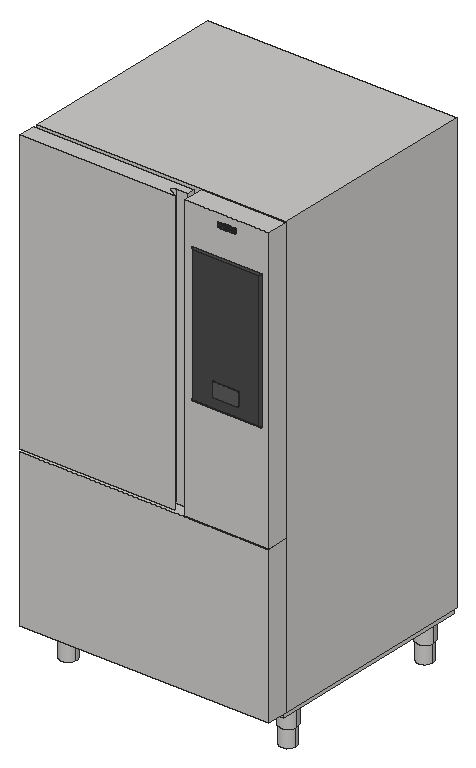
Revit family "QF_ZANUSSI_110547_ZBFA11E", category Specialty Equipment, Revit 2018
Family settings
  Round Connector Dimension = Use Diameter
  Part Type = Normal
  Work Plane-Based = No
  Always vertical = Yes
  Cut with Voids When Loaded = No
  Shared = No
  Room Calculation Point = No
Parameters
  Weight = 0.00 kg
  Watts = 385.548 W
  Volts = 380 V
  URL Manufacturer = "http://www.zanussiprofessional.com"
  URL = "http://www.zanussiprofessional.com"
  Steam Supply Size = 0 mm
  Steam Supply Minimum Pressure = 0.0 Pa
  Steam Supply Maximum Pressure = 0.0 Pa
  Steam Pounds per Hour = 0
  Show Logo [instance] = yes
  Show Clearance [instance] = yes
  Refrigeration Suction Line Size = 0 mm
  Refrigeration Liquid Line Size = 0 mm
  Refrigerant Compressor Remote = yes
  Manufacturer = "Zanussi"
  Phase = 3
  Model = "ZBFA11E"
  Length Actual = 895 mm  # constant formula
  Item Number = "110547"
  Hot Water Size = 0 mm
  Height Actual = 1731 mm  # constant formula
  HP = "5.6 HP"
  Gas Size = 0 mm
  Gas KW = 0
  Gas Input Pressure = 0 W
  Description = "RAPIDO BLAST CHILLER FREEZER 50/50KG 10 GN 1/1"
  Depth Actual = 939 mm  # constant formula
  Cycle = 50 Hz
  Condensate Return Size = 0 mm
  Compressed Air Volume = 0.0 L/s
  Compressed Air Size = 0 mm
  Compressed Air Pressure = 0.0 Pa
  Cold Water Size = 0 mm
  Accessory = yes
Reference planes
  plane 1 "Center X": y = 126.351
  plane 2: z = 0
  plane 3 "Center Y": x = -311.5
  plane 4 "LEFT": x = -759
  plane 5 "BACK": y = 547.851
  plane 6 "RIGHT": x = 136
  plane 7 "FRONT": y = -295.149
  plane 8: z = 130
  plane 9 "TOP": z = 1731
  plane 10: x = -707
  plane 11: y = 471.851
  plane 12: x = 84
  plane 13: y = -144.149
  plane 14: y = 639.851
  plane 15: y = -834.149
Forms (mm)
  Extrusion 1, solid, material "QF_Finishes_Stainless Steel"
    sketch origin (0, 0, 1731) x (-1, 0, 0) y (0, -1, 0)
      loop
        line (759, -547.851) -> (759, 219.149) -> (-136, 219.149) -> (-136, -547.851) -> (759, -547.851)
    from 0 to -1581
  Extrusion 2, solid, material "QF_Finishes_Stainless Steel"
    sketch origin (-759, -0.954, 258.709) x (0, 1, 0) y (0, 0, 1)
      loop
        line (548.805, 694.306) -> (548.805, 392.314) -> (633.5, 399.789)
        arc (633.5, 399.789) -> (638.702, 402.354) -> (640.805, 407.759) r 8
        line (640.805, 407.759) -> (640.805, 433.233)
        arc (640.805, 433.233) -> (636.783, 442.547) -> (640.805, 451.86) r 12.795
        line (640.805, 451.86) -> (640.805, 483.24)
        arc (640.805, 483.24) -> (636.783, 492.554) -> (640.805, 501.867) r 12.795
        line (640.805, 501.867) -> (640.805, 533.247)
        arc (640.805, 533.247) -> (636.783, 542.56) -> (640.805, 551.874) r 12.795
        line (640.805, 551.874) -> (640.805, 583.254)
        arc (640.805, 583.254) -> (636.783, 592.567) -> (640.805, 601.881) r 12.795
        line (640.805, 601.881) -> (640.805, 634.796)
        arc (640.805, 634.796) -> (639.466, 639.795) -> (635.808, 643.455) r 10
        line (635.808, 643.455) -> (548.805, 694.306)
    from 618.187 to 801.865
  Extrusion 3, solid, material "QF_Finishes_Stainless Steel"
    sketch origin (-54.727, 547.851, 2066) x (1, 0, 0) y (0, 0, -1)
      loop
        circle (121.727, 1473) r 10.5
    from 0 to 29
  Extrusion 4, solid, material "QF_Finishes_Stainless Steel"
    sketch origin (-1206.916, -1524, 130) x (-1, 0, 0) y (0, -1, 0)
      loop
        line (-447.916, -1228.851) -> (-1342.916, -1228.851) -> (-1342.916, -1303.851) -> (-447.916, -1303.851) -> (-447.916, -1228.851)
    from 580 to 20.02
  Extrusion 5, solid, material "QF_Finishes_Stainless Steel"
    sketch origin (-1206.916, -1524, 130) x (-1, 0, 0) y (0, -1, 0)
      loop
        line (-456.916, -2071.851) -> (-456.916, -1306.851) -> (-1333.916, -1306.851) -> (-1333.916, -2071.851) -> (-456.916, -2071.851)
    from 20 to 0
  Extrusion 6, solid, material "QF_Finishes_Stainless Steel"
    sketch origin (-1206.916, -1524, 130) x (0, -1, 0) y (-1, 0, 0)
      loop
        circle (-1673.851, -847.916) r 9.5
    from 0 to 31.68
  Extrusion 7, void
    sketch origin (1, 0, 1731) x (-1, 0, 0) y (0, -1, 0)
      loop
        line (132.09, -639.851) -> (141.813, -639.851) -> (141.813, -547.851) -> (140.183, -547.851) -> (132.09, -639.851)
      loop
        line (-40.234, -547.851) -> (-41.865, -547.851) -> (-41.865, -639.851) -> (-32.141, -639.851) -> (-40.234, -547.851)
    from -1080 to -770
  Extrusion 8, solid, material "QF_Finishes_Stainless Steel"
    sketch origin (-623, -295.149, 0) x (1, 0, 0) y (0, 0, -1)
      loop
        line (442.2, -1731) -> (442.2, -719.524) -> (-136, -719.524) -> (-136, -1731) -> (442.2, -1731)
    from 0 to 60
  Extrusion 9, solid, material "QF_Finishes_Stainless Steel"
    sketch origin (-623, 0, 1060.038) x (1, 0, 0) y (0, 1, 0)
      loop
        line (759, -295.149) -> (759, -220.149) -> (457, -220.149) -> (457, -295.149) -> (759, -295.149)
    from 670.962 to -349
  Extrusion 10, solid, material "QF_Door-Drawer Clearances", visible <- "Show Clearance", detail levels coarse
    sketch origin (-623, 0, 1060.038) x (1, 0, 0) y (0, 1, 0)
      loop
        line (-82, -295.149) -> (-82, -831.649)
        arc (-82, -831.649) -> (284.195, -665.108) -> (442.2, -295.149) r 556
        line (442.2, -295.149) -> (-82, -295.149)
    from -340.514 to 670.962
  Extrusion 11, void
    sketch origin (136, -219.149, 1731) x (1, 0, 0) y (0, 0, -1)
      loop
        line (-366.8, 60) -> (-366.8, 962) -> (-834, 962) -> (-834, 60) -> (-366.8, 60)
    from 0 to 705
  Extrusion 12, solid, material "QF_Door-Drawer Clearances", visible <- "Show Clearance", detail levels coarse
    sketch origin (-765, -389.449, 0) x (0, -1, 0) y (0, 0, -1)
      loop
        line (442.2, -1731) -> (442.2, -719.524) -> (-94.3, -719.524) -> (-94.3, -1731) -> (442.2, -1731)
    from 0 to 60
  Extrusion 13, void
    sketch origin (-853.545, 0, 0) x (1, 0, 0) y (0, 1, 0)
      loop
        arc (627.437, -262.922) -> (619.313, -269.056) -> (623.077, -278.514) r 8.395
        line (623.077, -278.514) -> (650.783, -295.149) -> (672.745, -295.149) -> (672.745, -262.922) -> (627.437, -262.922)
    from 719.524 to 1731
  Extrusion 14, void
    sketch origin (-995.694, -380.449, 0) x (0, 1, 0) y (-1, 0, 0)
      loop
        arc (-405.892, -262.922) -> (-397.768, -256.787) -> (-401.532, -247.329) r 8.395
        line (-401.532, -247.329) -> (-429.238, -230.694) -> (-451.2, -230.694) -> (-451.2, -262.922) -> (-405.892, -262.922)
    from 719.524 to 1731
Cuts and joins
  Extrusion 11 cuts Extrusion 1
  Extrusion 7, Extrusion 11 cuts Extrusion 2
  Extrusion 11 cuts Extrusion 3
  Extrusion 11 cuts Extrusion 5
  Extrusion 11 cuts Extrusion 6
  joined: Extrusion 1, Extrusion 2, Extrusion 3, Extrusion 5, Extrusion 6
  Extrusion 13 cuts Extrusion 10
  Extrusion 13, Extrusion 14 cuts Extrusion 12
  joined: Extrusion 10, Extrusion 12
  Extrusion 13 cuts Extrusion 4
  Extrusion 13 cuts Extrusion 8
Lines and regions (mm)
  Split face 1
    outline origin (594.146, -295.149, -365.12) x (-1, 0, 0) y (0, 0, -1)
      loop
        line (490.638, -548.639) -> (600.654, -548.639) -> (600.654, -543.665) -> (490.638, -543.665) -> (490.638, -548.639)
  Split face 2
    outline origin (594.146, -295.149, -355.62) x (-1, 0, 0) y (0, 0, -1)
      loop
        line (490.638, -548.639) -> (600.654, -548.639) -> (600.654, -543.665) -> (490.638, -543.665) -> (490.638, -548.639)
  Split face 3
    outline origin (594.146, -295.149, -346.12) x (-1, 0, 0) y (0, 0, -1)
      loop
        line (490.638, -548.639) -> (600.654, -548.639) -> (600.654, -543.665) -> (490.638, -543.665) -> (490.638, -548.639)
  Split face 4
    outline origin (594.146, -295.149, -336.62) x (-1, 0, 0) y (0, 0, -1)
      loop
        line (490.638, -548.639) -> (600.654, -548.639) -> (600.654, -543.665) -> (490.638, -543.665) -> (490.638, -548.639)
  Split face 5
    outline origin (594.146, -295.149, -327.12) x (-1, 0, 0) y (0, 0, -1)
      loop
        line (490.638, -548.639) -> (600.654, -548.639) -> (600.654, -543.665) -> (490.638, -543.665) -> (490.638, -548.639)
  Split face 6
    outline origin (594.146, -295.149, -317.619) x (-1, 0, 0) y (0, 0, -1)
      loop
        line (490.638, -548.639) -> (600.654, -548.639) -> (600.654, -543.665) -> (490.638, -543.665) -> (490.638, -548.639)
  Split face 7
    outline origin (594.146, -295.149, -308.119) x (-1, 0, 0) y (0, 0, -1)
      loop
        line (490.638, -548.639) -> (600.654, -548.639) -> (600.654, -543.665) -> (490.638, -543.665) -> (490.638, -548.639)
  Split face 8
    outline origin (594.146, -295.149, -298.619) x (-1, 0, 0) y (0, 0, -1)
      loop
        line (490.638, -548.639) -> (600.654, -548.639) -> (600.654, -543.665) -> (490.638, -543.665) -> (490.638, -548.639)
  Split face 9
    outline origin (594.146, -295.149, -289.119) x (-1, 0, 0) y (0, 0, -1)
      loop
        line (490.638, -548.639) -> (600.654, -548.639) -> (600.654, -543.665) -> (490.638, -543.665) -> (490.638, -548.639)
  Split face 10
    outline origin (594.146, -295.149, -279.619) x (-1, 0, 0) y (0, 0, -1)
      loop
        line (490.638, -548.639) -> (600.654, -548.639) -> (600.654, -543.665) -> (490.638, -543.665) -> (490.638, -548.639)
  Split face 11
    outline origin (594.146, -295.149, -270.119) x (-1, 0, 0) y (0, 0, -1)
      loop
        line (490.638, -548.639) -> (600.654, -548.639) -> (600.654, -543.665) -> (490.638, -543.665) -> (490.638, -548.639)
  Split face 12
    outline origin (594.146, -295.149, -260.619) x (-1, 0, 0) y (0, 0, -1)
      loop
        line (490.638, -548.639) -> (600.654, -548.639) -> (600.654, -543.665) -> (490.638, -543.665) -> (490.638, -548.639)
  Split face 13
    outline origin (594.146, -295.149, -251.119) x (-1, 0, 0) y (0, 0, -1)
      loop
        line (490.638, -548.639) -> (600.654, -548.639) -> (600.654, -543.665) -> (490.638, -543.665) -> (490.638, -548.639)
  Split face 14
    outline origin (594.146, -295.149, -241.619) x (-1, 0, 0) y (0, 0, -1)
      loop
        line (490.638, -548.639) -> (600.654, -548.639) -> (600.654, -543.665) -> (490.638, -543.665) -> (490.638, -548.639)
  Split face 15
    outline origin (594.146, -295.149, -232.119) x (-1, 0, 0) y (0, 0, -1)
      loop
        line (490.638, -548.639) -> (600.654, -548.639) -> (600.654, -543.665) -> (490.638, -543.665) -> (490.638, -548.639)
  Split face 16
    outline origin (594.146, -295.149, -222.619) x (-1, 0, 0) y (0, 0, -1)
      loop
        line (490.638, -548.639) -> (600.654, -548.639) -> (600.654, -543.665) -> (490.638, -543.665) -> (490.638, -548.639)
  Split face 17
    outline origin (594.146, -295.149, -213.119) x (-1, 0, 0) y (0, 0, -1)
      loop
        line (490.638, -548.639) -> (600.654, -548.639) -> (600.654, -543.665) -> (490.638, -543.665) -> (490.638, -548.639)
  Split face 18
    outline origin (594.146, -295.149, -203.619) x (-1, 0, 0) y (0, 0, -1)
      loop
        line (490.638, -548.639) -> (600.654, -548.639) -> (600.654, -543.665) -> (490.638, -543.665) -> (490.638, -548.639)
  Split face 19
    outline origin (594.146, -295.149, -194.118) x (-1, 0, 0) y (0, 0, -1)
      loop
        line (490.638, -548.639) -> (600.654, -548.639) -> (600.654, -543.665) -> (490.638, -543.665) -> (490.638, -548.639)
  Split face 20
    outline origin (594.146, -295.149, -184.618) x (-1, 0, 0) y (0, 0, -1)
      loop
        line (490.638, -548.639) -> (600.654, -548.639) -> (600.654, -543.665) -> (490.638, -543.665) -> (490.638, -548.639)
  Split face 21
    outline origin (594.146, -295.149, -175.118) x (-1, 0, 0) y (0, 0, -1)
      loop
        line (490.638, -548.639) -> (600.654, -548.639) -> (600.654, -543.665) -> (490.638, -543.665) -> (490.638, -548.639)
  Split face 22
    outline origin (594.146, -295.149, -165.618) x (-1, 0, 0) y (0, 0, -1)
      loop
        line (490.638, -548.639) -> (600.654, -548.639) -> (600.654, -543.665) -> (490.638, -543.665) -> (490.638, -548.639)
  Split face 23
    outline origin (594.146, -295.149, -156.118) x (-1, 0, 0) y (0, 0, -1)
      loop
        line (490.638, -548.639) -> (600.654, -548.639) -> (600.654, -543.665) -> (490.638, -543.665) -> (490.638, -548.639)
  Split face 24
    outline origin (594.146, -295.149, -146.618) x (-1, 0, 0) y (0, 0, -1)
      loop
        line (490.638, -548.639) -> (600.654, -548.639) -> (600.654, -543.665) -> (490.638, -543.665) -> (490.638, -548.639)
  Split face 25
    outline origin (594.146, -295.149, -137.118) x (-1, 0, 0) y (0, 0, -1)
      loop
        line (490.638, -548.639) -> (600.654, -548.639) -> (600.654, -543.665) -> (490.638, -543.665) -> (490.638, -548.639)
  Split face 26
    outline origin (594.146, -295.149, -127.618) x (-1, 0, 0) y (0, 0, -1)
      loop
        line (490.638, -548.639) -> (600.654, -548.639) -> (600.654, -543.665) -> (490.638, -543.665) -> (490.638, -548.639)
  Split face 27
    outline origin (594.146, -295.149, -118.118) x (-1, 0, 0) y (0, 0, -1)
      loop
        line (490.638, -548.639) -> (600.654, -548.639) -> (600.654, -543.665) -> (490.638, -543.665) -> (490.638, -548.639)
  Split face 28
    outline origin (594.146, -295.149, -108.618) x (-1, 0, 0) y (0, 0, -1)
      loop
        line (490.638, -548.639) -> (600.654, -548.639) -> (600.654, -543.665) -> (490.638, -543.665) -> (490.638, -548.639)
  Split face 29
    outline origin (594.146, -295.149, -99.118) x (-1, 0, 0) y (0, 0, -1)
      loop
        line (490.638, -548.639) -> (600.654, -548.639) -> (600.654, -543.665) -> (490.638, -543.665) -> (490.638, -548.639)
  Split face 30
    outline origin (594.146, -295.149, -89.618) x (-1, 0, 0) y (0, 0, -1)
      loop
        line (490.638, -548.639) -> (600.654, -548.639) -> (600.654, -543.665) -> (490.638, -543.665) -> (490.638, -548.639)
  Split face 31
    outline origin (594.146, -295.149, -80.117) x (-1, 0, 0) y (0, 0, -1)
      loop
        line (490.638, -548.639) -> (600.654, -548.639) -> (600.654, -543.665) -> (490.638, -543.665) -> (490.638, -548.639)
  Split face 32
    outline origin (594.146, -295.149, -70.617) x (-1, 0, 0) y (0, 0, -1)
      loop
        line (490.638, -548.639) -> (600.654, -548.639) -> (600.654, -543.665) -> (490.638, -543.665) -> (490.638, -548.639)
  Split face 33
    outline origin (594.146, -295.149, -61.117) x (-1, 0, 0) y (0, 0, -1)
      loop
        line (490.638, -548.639) -> (600.654, -548.639) -> (600.654, -543.665) -> (490.638, -543.665) -> (490.638, -548.639)
  Split face 34
    outline origin (594.146, -295.149, -51.617) x (-1, 0, 0) y (0, 0, -1)
      loop
        line (490.638, -548.639) -> (600.654, -548.639) -> (600.654, -543.665) -> (490.638, -543.665) -> (490.638, -548.639)
  Split face 35
    outline origin (594.146, -295.149, -42.117) x (-1, 0, 0) y (0, 0, -1)
      loop
        line (490.638, -548.639) -> (600.654, -548.639) -> (600.654, -543.665) -> (490.638, -543.665) -> (490.638, -548.639)
  Split face 36
    outline origin (594.146, -295.149, -32.617) x (-1, 0, 0) y (0, 0, -1)
      loop
        line (490.638, -548.639) -> (600.654, -548.639) -> (600.654, -543.665) -> (490.638, -543.665) -> (490.638, -548.639)
  Split face 37
    outline origin (594.146, -295.149, -23.117) x (-1, 0, 0) y (0, 0, -1)
      loop
        line (490.638, -548.639) -> (600.654, -548.639) -> (600.654, -543.665) -> (490.638, -543.665) -> (490.638, -548.639)
  Split face 38
    outline origin (594.146, -295.149, -13.617) x (-1, 0, 0) y (0, 0, -1)
      loop
        line (490.638, -548.639) -> (600.654, -548.639) -> (600.654, -543.665) -> (490.638, -543.665) -> (490.638, -548.639)
  Split face 39
    outline origin (594.146, -295.149, -4.117) x (-1, 0, 0) y (0, 0, -1)
      loop
        line (490.638, -548.639) -> (600.654, -548.639) -> (600.654, -543.665) -> (490.638, -543.665) -> (490.638, -548.639)
  Split face 40
    outline origin (594.146, -295.149, 5.383) x (-1, 0, 0) y (0, 0, -1)
      loop
        line (490.638, -548.639) -> (600.654, -548.639) -> (600.654, -543.665) -> (490.638, -543.665) -> (490.638, -548.639)
  Split face 41
    outline origin (594.146, -295.149, 14.883) x (-1, 0, 0) y (0, 0, -1)
      loop
        line (490.638, -548.639) -> (600.654, -548.639) -> (600.654, -543.665) -> (490.638, -543.665) -> (490.638, -548.639)
  Split face 42
    outline origin (474.155, -295.149, -365.12) x (-1, 0, 0) y (0, 0, -1)
      loop
        line (490.638, -548.639) -> (600.654, -548.639) -> (600.654, -543.665) -> (490.638, -543.665) -> (490.638, -548.639)
  Split face 43
    outline origin (474.155, -295.149, -355.62) x (-1, 0, 0) y (0, 0, -1)
      loop
        line (490.638, -548.639) -> (600.654, -548.639) -> (600.654, -543.665) -> (490.638, -543.665) -> (490.638, -548.639)
  Split face 44
    outline origin (474.155, -295.149, -346.12) x (-1, 0, 0) y (0, 0, -1)
      loop
        line (490.638, -548.639) -> (600.654, -548.639) -> (600.654, -543.665) -> (490.638, -543.665) -> (490.638, -548.639)
  Split face 45
    outline origin (474.155, -295.149, -336.62) x (-1, 0, 0) y (0, 0, -1)
      loop
        line (490.638, -548.639) -> (600.654, -548.639) -> (600.654, -543.665) -> (490.638, -543.665) -> (490.638, -548.639)
  Split face 46
    outline origin (474.155, -295.149, -327.12) x (-1, 0, 0) y (0, 0, -1)
      loop
        line (490.638, -548.639) -> (600.654, -548.639) -> (600.654, -543.665) -> (490.638, -543.665) -> (490.638, -548.639)
  Split face 47
    outline origin (474.155, -295.149, -317.619) x (-1, 0, 0) y (0, 0, -1)
      loop
        line (490.638, -548.639) -> (600.654, -548.639) -> (600.654, -543.665) -> (490.638, -543.665) -> (490.638, -548.639)
  Split face 48
    outline origin (474.155, -295.149, -308.119) x (-1, 0, 0) y (0, 0, -1)
      loop
        line (490.638, -548.639) -> (600.654, -548.639) -> (600.654, -543.665) -> (490.638, -543.665) -> (490.638, -548.639)
  Split face 49
    outline origin (474.155, -295.149, -298.619) x (-1, 0, 0) y (0, 0, -1)
      loop
        line (490.638, -548.639) -> (600.654, -548.639) -> (600.654, -543.665) -> (490.638, -543.665) -> (490.638, -548.639)
  Split face 50
    outline origin (474.155, -295.149, -289.119) x (-1, 0, 0) y (0, 0, -1)
      loop
        line (490.638, -548.639) -> (600.654, -548.639) -> (600.654, -543.665) -> (490.638, -543.665) -> (490.638, -548.639)
  Split face 51
    outline origin (474.155, -295.149, -279.619) x (-1, 0, 0) y (0, 0, -1)
      loop
        line (490.638, -548.639) -> (600.654, -548.639) -> (600.654, -543.665) -> (490.638, -543.665) -> (490.638, -548.639)
  Split face 52
    outline origin (474.155, -295.149, -270.119) x (-1, 0, 0) y (0, 0, -1)
      loop
        line (490.638, -548.639) -> (600.654, -548.639) -> (600.654, -543.665) -> (490.638, -543.665) -> (490.638, -548.639)
  Split face 53
    outline origin (474.155, -295.149, -260.619) x (-1, 0, 0) y (0, 0, -1)
      loop
        line (490.638, -548.639) -> (600.654, -548.639) -> (600.654, -543.665) -> (490.638, -543.665) -> (490.638, -548.639)
  Split face 54
    outline origin (474.155, -295.149, -251.119) x (-1, 0, 0) y (0, 0, -1)
      loop
        line (490.638, -548.639) -> (600.654, -548.639) -> (600.654, -543.665) -> (490.638, -543.665) -> (490.638, -548.639)
  Split face 55
    outline origin (474.155, -295.149, -241.619) x (-1, 0, 0) y (0, 0, -1)
      loop
        line (490.638, -548.639) -> (600.654, -548.639) -> (600.654, -543.665) -> (490.638, -543.665) -> (490.638, -548.639)
  Split face 56
    outline origin (474.155, -295.149, -232.119) x (-1, 0, 0) y (0, 0, -1)
      loop
        line (490.638, -548.639) -> (600.654, -548.639) -> (600.654, -543.665) -> (490.638, -543.665) -> (490.638, -548.639)
  Split face 57
    outline origin (474.155, -295.149, -222.619) x (-1, 0, 0) y (0, 0, -1)
      loop
        line (490.638, -548.639) -> (600.654, -548.639) -> (600.654, -543.665) -> (490.638, -543.665) -> (490.638, -548.639)
  Split face 58
    outline origin (474.155, -295.149, -213.119) x (-1, 0, 0) y (0, 0, -1)
      loop
        line (490.638, -548.639) -> (600.654, -548.639) -> (600.654, -543.665) -> (490.638, -543.665) -> (490.638, -548.639)
  Split face 59
    outline origin (474.155, -295.149, -203.619) x (-1, 0, 0) y (0, 0, -1)
      loop
        line (490.638, -548.639) -> (600.654, -548.639) -> (600.654, -543.665) -> (490.638, -543.665) -> (490.638, -548.639)
  Split face 60
    outline origin (474.155, -295.149, -194.118) x (-1, 0, 0) y (0, 0, -1)
      loop
        line (490.638, -548.639) -> (600.654, -548.639) -> (600.654, -543.665) -> (490.638, -543.665) -> (490.638, -548.639)
  Split face 61
    outline origin (474.155, -295.149, -184.618) x (-1, 0, 0) y (0, 0, -1)
      loop
        line (490.638, -548.639) -> (600.654, -548.639) -> (600.654, -543.665) -> (490.638, -543.665) -> (490.638, -548.639)
  Split face 62
    outline origin (474.155, -295.149, -175.118) x (-1, 0, 0) y (0, 0, -1)
      loop
        line (490.638, -548.639) -> (600.654, -548.639) -> (600.654, -543.665) -> (490.638, -543.665) -> (490.638, -548.639)
  Split face 63
    outline origin (474.155, -295.149, -165.618) x (-1, 0, 0) y (0, 0, -1)
      loop
        line (490.638, -548.639) -> (600.654, -548.639) -> (600.654, -543.665) -> (490.638, -543.665) -> (490.638, -548.639)
  Split face 64
    outline origin (474.155, -295.149, -156.118) x (-1, 0, 0) y (0, 0, -1)
      loop
        line (490.638, -548.639) -> (600.654, -548.639) -> (600.654, -543.665) -> (490.638, -543.665) -> (490.638, -548.639)
  Split face 65
    outline origin (474.155, -295.149, -146.618) x (-1, 0, 0) y (0, 0, -1)
      loop
        line (490.638, -548.639) -> (600.654, -548.639) -> (600.654, -543.665) -> (490.638, -543.665) -> (490.638, -548.639)
  Split face 66
    outline origin (474.155, -295.149, -137.118) x (-1, 0, 0) y (0, 0, -1)
      loop
        line (490.638, -548.639) -> (600.654, -548.639) -> (600.654, -543.665) -> (490.638, -543.665) -> (490.638, -548.639)
  Split face 67
    outline origin (474.155, -295.149, -127.618) x (-1, 0, 0) y (0, 0, -1)
      loop
        line (490.638, -548.639) -> (600.654, -548.639) -> (600.654, -543.665) -> (490.638, -543.665) -> (490.638, -548.639)
  Split face 68
    outline origin (474.155, -295.149, -118.118) x (-1, 0, 0) y (0, 0, -1)
      loop
        line (490.638, -548.639) -> (600.654, -548.639) -> (600.654, -543.665) -> (490.638, -543.665) -> (490.638, -548.639)
  Split face 69
    outline origin (474.155, -295.149, -108.618) x (-1, 0, 0) y (0, 0, -1)
      loop
        line (490.638, -548.639) -> (600.654, -548.639) -> (600.654, -543.665) -> (490.638, -543.665) -> (490.638, -548.639)
  Split face 70
    outline origin (474.155, -295.149, -99.118) x (-1, 0, 0) y (0, 0, -1)
      loop
        line (490.638, -548.639) -> (600.654, -548.639) -> (600.654, -543.665) -> (490.638, -543.665) -> (490.638, -548.639)
  Split face 71
    outline origin (474.155, -295.149, -89.618) x (-1, 0, 0) y (0, 0, -1)
      loop
        line (490.638, -548.639) -> (600.654, -548.639) -> (600.654, -543.665) -> (490.638, -543.665) -> (490.638, -548.639)
  Split face 72
    outline origin (474.155, -295.149, -80.117) x (-1, 0, 0) y (0, 0, -1)
      loop
        line (490.638, -548.639) -> (600.654, -548.639) -> (600.654, -543.665) -> (490.638, -543.665) -> (490.638, -548.639)
  Split face 73
    outline origin (474.155, -295.149, -70.617) x (-1, 0, 0) y (0, 0, -1)
      loop
        line (490.638, -548.639) -> (600.654, -548.639) -> (600.654, -543.665) -> (490.638, -543.665) -> (490.638, -548.639)
  Split face 74
    outline origin (474.155, -295.149, -61.117) x (-1, 0, 0) y (0, 0, -1)
      loop
        line (490.638, -548.639) -> (600.654, -548.639) -> (600.654, -543.665) -> (490.638, -543.665) -> (490.638, -548.639)
  Split face 75
    outline origin (474.155, -295.149, -51.617) x (-1, 0, 0) y (0, 0, -1)
      loop
        line (490.638, -548.639) -> (600.654, -548.639) -> (600.654, -543.665) -> (490.638, -543.665) -> (490.638, -548.639)
  Split face 76
    outline origin (474.155, -295.149, -42.117) x (-1, 0, 0) y (0, 0, -1)
      loop
        line (490.638, -548.639) -> (600.654, -548.639) -> (600.654, -543.665) -> (490.638, -543.665) -> (490.638, -548.639)
  Split face 77
    outline origin (474.155, -295.149, -32.617) x (-1, 0, 0) y (0, 0, -1)
      loop
        line (490.638, -548.639) -> (600.654, -548.639) -> (600.654, -543.665) -> (490.638, -543.665) -> (490.638, -548.639)
  Split face 78
    outline origin (474.155, -295.149, -23.117) x (-1, 0, 0) y (0, 0, -1)
      loop
        line (490.638, -548.639) -> (600.654, -548.639) -> (600.654, -543.665) -> (490.638, -543.665) -> (490.638, -548.639)
  Split face 79
    outline origin (474.155, -295.149, -13.617) x (-1, 0, 0) y (0, 0, -1)
      loop
        line (490.638, -548.639) -> (600.654, -548.639) -> (600.654, -543.665) -> (490.638, -543.665) -> (490.638, -548.639)
  Split face 80
    outline origin (474.155, -295.149, -4.117) x (-1, 0, 0) y (0, 0, -1)
      loop
        line (490.638, -548.639) -> (600.654, -548.639) -> (600.654, -543.665) -> (490.638, -543.665) -> (490.638, -548.639)
  Split face 81
    outline origin (474.155, -295.149, 5.383) x (-1, 0, 0) y (0, 0, -1)
      loop
        line (490.638, -548.639) -> (600.654, -548.639) -> (600.654, -543.665) -> (490.638, -543.665) -> (490.638, -548.639)
  Split face 82
    outline origin (474.155, -295.149, 14.883) x (-1, 0, 0) y (0, 0, -1)
      loop
        line (490.638, -548.639) -> (600.654, -548.639) -> (600.654, -543.665) -> (490.638, -543.665) -> (490.638, -548.639)
  Split face 83
    outline origin (354.164, -295.149, -365.12) x (-1, 0, 0) y (0, 0, -1)
      loop
        line (490.638, -548.639) -> (600.654, -548.639) -> (600.654, -543.665) -> (490.638, -543.665) -> (490.638, -548.639)
  Split face 84
    outline origin (354.164, -295.149, -355.62) x (-1, 0, 0) y (0, 0, -1)
      loop
        line (490.638, -548.639) -> (600.654, -548.639) -> (600.654, -543.665) -> (490.638, -543.665) -> (490.638, -548.639)
  Split face 85
    outline origin (354.164, -295.149, -346.12) x (-1, 0, 0) y (0, 0, -1)
      loop
        line (490.638, -548.639) -> (600.654, -548.639) -> (600.654, -543.665) -> (490.638, -543.665) -> (490.638, -548.639)
  Split face 86
    outline origin (354.164, -295.149, -336.62) x (-1, 0, 0) y (0, 0, -1)
      loop
        line (490.638, -548.639) -> (600.654, -548.639) -> (600.654, -543.665) -> (490.638, -543.665) -> (490.638, -548.639)
  Split face 87
    outline origin (354.164, -295.149, -327.12) x (-1, 0, 0) y (0, 0, -1)
      loop
        line (490.638, -548.639) -> (600.654, -548.639) -> (600.654, -543.665) -> (490.638, -543.665) -> (490.638, -548.639)
  Split face 88
    outline origin (354.164, -295.149, -317.619) x (-1, 0, 0) y (0, 0, -1)
      loop
        line (490.638, -548.639) -> (600.654, -548.639) -> (600.654, -543.665) -> (490.638, -543.665) -> (490.638, -548.639)
  Split face 89
    outline origin (354.164, -295.149, -308.119) x (-1, 0, 0) y (0, 0, -1)
      loop
        line (490.638, -548.639) -> (600.654, -548.639) -> (600.654, -543.665) -> (490.638, -543.665) -> (490.638, -548.639)
  Split face 90
    outline origin (354.164, -295.149, -298.619) x (-1, 0, 0) y (0, 0, -1)
      loop
        line (490.638, -548.639) -> (600.654, -548.639) -> (600.654, -543.665) -> (490.638, -543.665) -> (490.638, -548.639)
  Split face 91
    outline origin (354.164, -295.149, -289.119) x (-1, 0, 0) y (0, 0, -1)
      loop
        line (490.638, -548.639) -> (600.654, -548.639) -> (600.654, -543.665) -> (490.638, -543.665) -> (490.638, -548.639)
  Split face 92
    outline origin (354.164, -295.149, -279.619) x (-1, 0, 0) y (0, 0, -1)
      loop
        line (490.638, -548.639) -> (600.654, -548.639) -> (600.654, -543.665) -> (490.638, -543.665) -> (490.638, -548.639)
  Split face 93
    outline origin (354.164, -295.149, -270.119) x (-1, 0, 0) y (0, 0, -1)
      loop
        line (490.638, -548.639) -> (600.654, -548.639) -> (600.654, -543.665) -> (490.638, -543.665) -> (490.638, -548.639)
  Split face 94
    outline origin (354.164, -295.149, -260.619) x (-1, 0, 0) y (0, 0, -1)
      loop
        line (490.638, -548.639) -> (600.654, -548.639) -> (600.654, -543.665) -> (490.638, -543.665) -> (490.638, -548.639)
  Split face 95
    outline origin (354.164, -295.149, -251.119) x (-1, 0, 0) y (0, 0, -1)
      loop
        line (490.638, -548.639) -> (600.654, -548.639) -> (600.654, -543.665) -> (490.638, -543.665) -> (490.638, -548.639)
  Split face 96
    outline origin (354.164, -295.149, -241.619) x (-1, 0, 0) y (0, 0, -1)
      loop
        line (490.638, -548.639) -> (600.654, -548.639) -> (600.654, -543.665) -> (490.638, -543.665) -> (490.638, -548.639)
  Split face 97
    outline origin (354.164, -295.149, -232.119) x (-1, 0, 0) y (0, 0, -1)
      loop
        line (490.638, -548.639) -> (600.654, -548.639) -> (600.654, -543.665) -> (490.638, -543.665) -> (490.638, -548.639)
  Split face 98
    outline origin (354.164, -295.149, -222.619) x (-1, 0, 0) y (0, 0, -1)
      loop
        line (490.638, -548.639) -> (600.654, -548.639) -> (600.654, -543.665) -> (490.638, -543.665) -> (490.638, -548.639)
  Split face 99
    outline origin (354.164, -295.149, -213.119) x (-1, 0, 0) y (0, 0, -1)
      loop
        line (490.638, -548.639) -> (600.654, -548.639) -> (600.654, -543.665) -> (490.638, -543.665) -> (490.638, -548.639)
  Split face 100
    outline origin (354.164, -295.149, -203.619) x (-1, 0, 0) y (0, 0, -1)
      loop
        line (490.638, -548.639) -> (600.654, -548.639) -> (600.654, -543.665) -> (490.638, -543.665) -> (490.638, -548.639)
  Split face 101
    outline origin (354.164, -295.149, -194.118) x (-1, 0, 0) y (0, 0, -1)
      loop
        line (490.638, -548.639) -> (600.654, -548.639) -> (600.654, -543.665) -> (490.638, -543.665) -> (490.638, -548.639)
  Split face 102
    outline origin (354.164, -295.149, -184.618) x (-1, 0, 0) y (0, 0, -1)
      loop
        line (490.638, -548.639) -> (600.654, -548.639) -> (600.654, -543.665) -> (490.638, -543.665) -> (490.638, -548.639)
  Split face 103
    outline origin (354.164, -295.149, -175.118) x (-1, 0, 0) y (0, 0, -1)
      loop
        line (490.638, -548.639) -> (600.654, -548.639) -> (600.654, -543.665) -> (490.638, -543.665) -> (490.638, -548.639)
  Split face 104
    outline origin (354.164, -295.149, -165.618) x (-1, 0, 0) y (0, 0, -1)
      loop
        line (490.638, -548.639) -> (600.654, -548.639) -> (600.654, -543.665) -> (490.638, -543.665) -> (490.638, -548.639)
  Split face 105
    outline origin (354.164, -295.149, -156.118) x (-1, 0, 0) y (0, 0, -1)
      loop
        line (490.638, -548.639) -> (600.654, -548.639) -> (600.654, -543.665) -> (490.638, -543.665) -> (490.638, -548.639)
  Split face 106
    outline origin (354.164, -295.149, -146.618) x (-1, 0, 0) y (0, 0, -1)
      loop
        line (490.638, -548.639) -> (600.654, -548.639) -> (600.654, -543.665) -> (490.638, -543.665) -> (490.638, -548.639)
  Split face 107
    outline origin (354.164, -295.149, -137.118) x (-1, 0, 0) y (0, 0, -1)
      loop
        line (490.638, -548.639) -> (600.654, -548.639) -> (600.654, -543.665) -> (490.638, -543.665) -> (490.638, -548.639)
  Split face 108
    outline origin (354.164, -295.149, -127.618) x (-1, 0, 0) y (0, 0, -1)
      loop
        line (490.638, -548.639) -> (600.654, -548.639) -> (600.654, -543.665) -> (490.638, -543.665) -> (490.638, -548.639)
  Split face 109
    outline origin (354.164, -295.149, -118.118) x (-1, 0, 0) y (0, 0, -1)
      loop
        line (490.638, -548.639) -> (600.654, -548.639) -> (600.654, -543.665) -> (490.638, -543.665) -> (490.638, -548.639)
  Split face 110
    outline origin (354.164, -295.149, -108.618) x (-1, 0, 0) y (0, 0, -1)
      loop
        line (490.638, -548.639) -> (600.654, -548.639) -> (600.654, -543.665) -> (490.638, -543.665) -> (490.638, -548.639)
  Split face 111
    outline origin (354.164, -295.149, -99.118) x (-1, 0, 0) y (0, 0, -1)
      loop
        line (490.638, -548.639) -> (600.654, -548.639) -> (600.654, -543.665) -> (490.638, -543.665) -> (490.638, -548.639)
  Split face 112
    outline origin (354.164, -295.149, -89.618) x (-1, 0, 0) y (0, 0, -1)
      loop
        line (490.638, -548.639) -> (600.654, -548.639) -> (600.654, -543.665) -> (490.638, -543.665) -> (490.638, -548.639)
  Split face 113
    outline origin (354.164, -295.149, -80.117) x (-1, 0, 0) y (0, 0, -1)
      loop
        line (490.638, -548.639) -> (600.654, -548.639) -> (600.654, -543.665) -> (490.638, -543.665) -> (490.638, -548.639)
  Split face 114
    outline origin (354.164, -295.149, -70.617) x (-1, 0, 0) y (0, 0, -1)
      loop
        line (490.638, -548.639) -> (600.654, -548.639) -> (600.654, -543.665) -> (490.638, -543.665) -> (490.638, -548.639)
  Split face 115
    outline origin (354.164, -295.149, -61.117) x (-1, 0, 0) y (0, 0, -1)
      loop
        line (490.638, -548.639) -> (600.654, -548.639) -> (600.654, -543.665) -> (490.638, -543.665) -> (490.638, -548.639)
  Split face 116
    outline origin (354.164, -295.149, -51.617) x (-1, 0, 0) y (0, 0, -1)
      loop
        line (490.638, -548.639) -> (600.654, -548.639) -> (600.654, -543.665) -> (490.638, -543.665) -> (490.638, -548.639)
  Split face 117
    outline origin (354.164, -295.149, -42.117) x (-1, 0, 0) y (0, 0, -1)
      loop
        line (490.638, -548.639) -> (600.654, -548.639) -> (600.654, -543.665) -> (490.638, -543.665) -> (490.638, -548.639)
  Split face 118
    outline origin (354.164, -295.149, -32.617) x (-1, 0, 0) y (0, 0, -1)
      loop
        line (490.638, -548.639) -> (600.654, -548.639) -> (600.654, -543.665) -> (490.638, -543.665) -> (490.638, -548.639)
  Split face 119
    outline origin (354.164, -295.149, -23.117) x (-1, 0, 0) y (0, 0, -1)
      loop
        line (490.638, -548.639) -> (600.654, -548.639) -> (600.654, -543.665) -> (490.638, -543.665) -> (490.638, -548.639)
  Split face 120
    outline origin (354.164, -295.149, -13.617) x (-1, 0, 0) y (0, 0, -1)
      loop
        line (490.638, -548.639) -> (600.654, -548.639) -> (600.654, -543.665) -> (490.638, -543.665) -> (490.638, -548.639)
  Split face 121
    outline origin (354.164, -295.149, -4.117) x (-1, 0, 0) y (0, 0, -1)
      loop
        line (490.638, -548.639) -> (600.654, -548.639) -> (600.654, -543.665) -> (490.638, -543.665) -> (490.638, -548.639)
  Split face 122
    outline origin (354.164, -295.149, 5.383) x (-1, 0, 0) y (0, 0, -1)
      loop
        line (490.638, -548.639) -> (600.654, -548.639) -> (600.654, -543.665) -> (490.638, -543.665) -> (490.638, -548.639)
  Split face 123
    outline origin (354.164, -295.149, 14.883) x (-1, 0, 0) y (0, 0, -1)
      loop
        line (490.638, -548.639) -> (600.654, -548.639) -> (600.654, -543.665) -> (490.638, -543.665) -> (490.638, -548.639)
  Split face 124
    outline origin (234.172, -295.149, -365.12) x (-1, 0, 0) y (0, 0, -1)
      loop
        line (490.638, -548.639) -> (600.654, -548.639) -> (600.654, -543.665) -> (490.638, -543.665) -> (490.638, -548.639)
  Split face 125
    outline origin (234.172, -295.149, -355.62) x (-1, 0, 0) y (0, 0, -1)
      loop
        line (490.638, -548.639) -> (600.654, -548.639) -> (600.654, -543.665) -> (490.638, -543.665) -> (490.638, -548.639)
  Split face 126
    outline origin (234.172, -295.149, -346.12) x (-1, 0, 0) y (0, 0, -1)
      loop
        line (490.638, -548.639) -> (600.654, -548.639) -> (600.654, -543.665) -> (490.638, -543.665) -> (490.638, -548.639)
  Split face 127
    outline origin (234.172, -295.149, -336.62) x (-1, 0, 0) y (0, 0, -1)
      loop
        line (490.638, -548.639) -> (600.654, -548.639) -> (600.654, -543.665) -> (490.638, -543.665) -> (490.638, -548.639)
  Split face 128
    outline origin (234.172, -295.149, -327.12) x (-1, 0, 0) y (0, 0, -1)
      loop
        line (490.638, -548.639) -> (600.654, -548.639) -> (600.654, -543.665) -> (490.638, -543.665) -> (490.638, -548.639)
  Split face 129
    outline origin (234.172, -295.149, -317.619) x (-1, 0, 0) y (0, 0, -1)
      loop
        line (490.638, -548.639) -> (600.654, -548.639) -> (600.654, -543.665) -> (490.638, -543.665) -> (490.638, -548.639)
  Split face 130
    outline origin (234.172, -295.149, -308.119) x (-1, 0, 0) y (0, 0, -1)
      loop
        line (490.638, -548.639) -> (600.654, -548.639) -> (600.654, -543.665) -> (490.638, -543.665) -> (490.638, -548.639)
  Split face 131
    outline origin (234.172, -295.149, -298.619) x (-1, 0, 0) y (0, 0, -1)
      loop
        line (490.638, -548.639) -> (600.654, -548.639) -> (600.654, -543.665) -> (490.638, -543.665) -> (490.638, -548.639)
  Split face 132
    outline origin (234.172, -295.149, -289.119) x (-1, 0, 0) y (0, 0, -1)
      loop
        line (490.638, -548.639) -> (600.654, -548.639) -> (600.654, -543.665) -> (490.638, -543.665) -> (490.638, -548.639)
  Split face 133
    outline origin (234.172, -295.149, -279.619) x (-1, 0, 0) y (0, 0, -1)
      loop
        line (490.638, -548.639) -> (600.654, -548.639) -> (600.654, -543.665) -> (490.638, -543.665) -> (490.638, -548.639)
  Split face 134
    outline origin (234.172, -295.149, -270.119) x (-1, 0, 0) y (0, 0, -1)
      loop
        line (490.638, -548.639) -> (600.654, -548.639) -> (600.654, -543.665) -> (490.638, -543.665) -> (490.638, -548.639)
  Split face 135
    outline origin (234.172, -295.149, -260.619) x (-1, 0, 0) y (0, 0, -1)
      loop
        line (490.638, -548.639) -> (600.654, -548.639) -> (600.654, -543.665) -> (490.638, -543.665) -> (490.638, -548.639)
  Split face 136
    outline origin (234.172, -295.149, -251.119) x (-1, 0, 0) y (0, 0, -1)
      loop
        line (490.638, -548.639) -> (600.654, -548.639) -> (600.654, -543.665) -> (490.638, -543.665) -> (490.638, -548.639)
  Split face 137
    outline origin (234.172, -295.149, -241.619) x (-1, 0, 0) y (0, 0, -1)
      loop
        line (490.638, -548.639) -> (600.654, -548.639) -> (600.654, -543.665) -> (490.638, -543.665) -> (490.638, -548.639)
  Split face 138
    outline origin (234.172, -295.149, -232.119) x (-1, 0, 0) y (0, 0, -1)
      loop
        line (490.638, -548.639) -> (600.654, -548.639) -> (600.654, -543.665) -> (490.638, -543.665) -> (490.638, -548.639)
  Split face 139
    outline origin (234.172, -295.149, -222.619) x (-1, 0, 0) y (0, 0, -1)
      loop
        line (490.638, -548.639) -> (600.654, -548.639) -> (600.654, -543.665) -> (490.638, -543.665) -> (490.638, -548.639)
  Split face 140
    outline origin (234.172, -295.149, -213.119) x (-1, 0, 0) y (0, 0, -1)
      loop
        line (490.638, -548.639) -> (600.654, -548.639) -> (600.654, -543.665) -> (490.638, -543.665) -> (490.638, -548.639)
  Split face 141
    outline origin (234.172, -295.149, -203.619) x (-1, 0, 0) y (0, 0, -1)
      loop
        line (490.638, -548.639) -> (600.654, -548.639) -> (600.654, -543.665) -> (490.638, -543.665) -> (490.638, -548.639)
  Split face 142
    outline origin (234.172, -295.149, -194.118) x (-1, 0, 0) y (0, 0, -1)
      loop
        line (490.638, -548.639) -> (600.654, -548.639) -> (600.654, -543.665) -> (490.638, -543.665) -> (490.638, -548.639)
  Split face 143
    outline origin (234.172, -295.149, -184.618) x (-1, 0, 0) y (0, 0, -1)
      loop
        line (490.638, -548.639) -> (600.654, -548.639) -> (600.654, -543.665) -> (490.638, -543.665) -> (490.638, -548.639)
  Split face 144
    outline origin (234.172, -295.149, -175.118) x (-1, 0, 0) y (0, 0, -1)
      loop
        line (490.638, -548.639) -> (600.654, -548.639) -> (600.654, -543.665) -> (490.638, -543.665) -> (490.638, -548.639)
  Split face 145
    outline origin (234.172, -295.149, -165.618) x (-1, 0, 0) y (0, 0, -1)
      loop
        line (490.638, -548.639) -> (600.654, -548.639) -> (600.654, -543.665) -> (490.638, -543.665) -> (490.638, -548.639)
  Split face 146
    outline origin (234.172, -295.149, -156.118) x (-1, 0, 0) y (0, 0, -1)
      loop
        line (490.638, -548.639) -> (600.654, -548.639) -> (600.654, -543.665) -> (490.638, -543.665) -> (490.638, -548.639)
  Split face 147
    outline origin (234.172, -295.149, -146.618) x (-1, 0, 0) y (0, 0, -1)
      loop
        line (490.638, -548.639) -> (600.654, -548.639) -> (600.654, -543.665) -> (490.638, -543.665) -> (490.638, -548.639)
  Split face 148
    outline origin (234.172, -295.149, -137.118) x (-1, 0, 0) y (0, 0, -1)
      loop
        line (490.638, -548.639) -> (600.654, -548.639) -> (600.654, -543.665) -> (490.638, -543.665) -> (490.638, -548.639)
  Split face 149
    outline origin (234.172, -295.149, -127.618) x (-1, 0, 0) y (0, 0, -1)
      loop
        line (490.638, -548.639) -> (600.654, -548.639) -> (600.654, -543.665) -> (490.638, -543.665) -> (490.638, -548.639)
  Split face 150
    outline origin (234.172, -295.149, -118.118) x (-1, 0, 0) y (0, 0, -1)
      loop
        line (490.638, -548.639) -> (600.654, -548.639) -> (600.654, -543.665) -> (490.638, -543.665) -> (490.638, -548.639)
  Split face 151
    outline origin (234.172, -295.149, -108.618) x (-1, 0, 0) y (0, 0, -1)
      loop
        line (490.638, -548.639) -> (600.654, -548.639) -> (600.654, -543.665) -> (490.638, -543.665) -> (490.638, -548.639)
  Split face 152
    outline origin (234.172, -295.149, -99.118) x (-1, 0, 0) y (0, 0, -1)
      loop
        line (490.638, -548.639) -> (600.654, -548.639) -> (600.654, -543.665) -> (490.638, -543.665) -> (490.638, -548.639)
  Split face 153
    outline origin (234.172, -295.149, -89.618) x (-1, 0, 0) y (0, 0, -1)
      loop
        line (490.638, -548.639) -> (600.654, -548.639) -> (600.654, -543.665) -> (490.638, -543.665) -> (490.638, -548.639)
  Split face 154
    outline origin (234.172, -295.149, -80.117) x (-1, 0, 0) y (0, 0, -1)
      loop
        line (490.638, -548.639) -> (600.654, -548.639) -> (600.654, -543.665) -> (490.638, -543.665) -> (490.638, -548.639)
  Split face 155
    outline origin (234.172, -295.149, -70.617) x (-1, 0, 0) y (0, 0, -1)
      loop
        line (490.638, -548.639) -> (600.654, -548.639) -> (600.654, -543.665) -> (490.638, -543.665) -> (490.638, -548.639)
  Split face 156
    outline origin (234.172, -295.149, -61.117) x (-1, 0, 0) y (0, 0, -1)
      loop
        line (490.638, -548.639) -> (600.654, -548.639) -> (600.654, -543.665) -> (490.638, -543.665) -> (490.638, -548.639)
  Split face 157
    outline origin (234.172, -295.149, -51.617) x (-1, 0, 0) y (0, 0, -1)
      loop
        line (490.638, -548.639) -> (600.654, -548.639) -> (600.654, -543.665) -> (490.638, -543.665) -> (490.638, -548.639)
  Split face 158
    outline origin (234.172, -295.149, -42.117) x (-1, 0, 0) y (0, 0, -1)
      loop
        line (490.638, -548.639) -> (600.654, -548.639) -> (600.654, -543.665) -> (490.638, -543.665) -> (490.638, -548.639)
  Split face 159
    outline origin (234.172, -295.149, -32.617) x (-1, 0, 0) y (0, 0, -1)
      loop
        line (490.638, -548.639) -> (600.654, -548.639) -> (600.654, -543.665) -> (490.638, -543.665) -> (490.638, -548.639)
  Split face 160
    outline origin (234.172, -295.149, -23.117) x (-1, 0, 0) y (0, 0, -1)
      loop
        line (490.638, -548.639) -> (600.654, -548.639) -> (600.654, -543.665) -> (490.638, -543.665) -> (490.638, -548.639)
  Split face 161
    outline origin (234.172, -295.149, -13.617) x (-1, 0, 0) y (0, 0, -1)
      loop
        line (490.638, -548.639) -> (600.654, -548.639) -> (600.654, -543.665) -> (490.638, -543.665) -> (490.638, -548.639)
  Split face 162
    outline origin (234.172, -295.149, -4.117) x (-1, 0, 0) y (0, 0, -1)
      loop
        line (490.638, -548.639) -> (600.654, -548.639) -> (600.654, -543.665) -> (490.638, -543.665) -> (490.638, -548.639)
  Split face 163
    outline origin (234.172, -295.149, 5.383) x (-1, 0, 0) y (0, 0, -1)
      loop
        line (490.638, -548.639) -> (600.654, -548.639) -> (600.654, -543.665) -> (490.638, -543.665) -> (490.638, -548.639)
  Split face 164
    outline origin (234.172, -295.149, 14.883) x (-1, 0, 0) y (0, 0, -1)
      loop
        line (490.638, -548.639) -> (600.654, -548.639) -> (600.654, -543.665) -> (490.638, -543.665) -> (490.638, -548.639)
  Split face 165
    outline origin (114.181, -295.149, -365.12) x (-1, 0, 0) y (0, 0, -1)
      loop
        line (490.638, -548.639) -> (600.654, -548.639) -> (600.654, -543.665) -> (490.638, -543.665) -> (490.638, -548.639)
  Split face 166
    outline origin (114.181, -295.149, -355.62) x (-1, 0, 0) y (0, 0, -1)
      loop
        line (490.638, -548.639) -> (600.654, -548.639) -> (600.654, -543.665) -> (490.638, -543.665) -> (490.638, -548.639)
  Split face 167
    outline origin (114.181, -295.149, -346.12) x (-1, 0, 0) y (0, 0, -1)
      loop
        line (490.638, -548.639) -> (600.654, -548.639) -> (600.654, -543.665) -> (490.638, -543.665) -> (490.638, -548.639)
  Split face 168
    outline origin (114.181, -295.149, -336.62) x (-1, 0, 0) y (0, 0, -1)
      loop
        line (490.638, -548.639) -> (600.654, -548.639) -> (600.654, -543.665) -> (490.638, -543.665) -> (490.638, -548.639)
  Split face 169
    outline origin (114.181, -295.149, -327.12) x (-1, 0, 0) y (0, 0, -1)
      loop
        line (490.638, -548.639) -> (600.654, -548.639) -> (600.654, -543.665) -> (490.638, -543.665) -> (490.638, -548.639)
  Split face 170
    outline origin (114.181, -295.149, -317.619) x (-1, 0, 0) y (0, 0, -1)
      loop
        line (490.638, -548.639) -> (600.654, -548.639) -> (600.654, -543.665) -> (490.638, -543.665) -> (490.638, -548.639)
  Split face 171
    outline origin (114.181, -295.149, -308.119) x (-1, 0, 0) y (0, 0, -1)
      loop
        line (490.638, -548.639) -> (600.654, -548.639) -> (600.654, -543.665) -> (490.638, -543.665) -> (490.638, -548.639)
  Split face 172
    outline origin (114.181, -295.149, -298.619) x (-1, 0, 0) y (0, 0, -1)
      loop
        line (490.638, -548.639) -> (600.654, -548.639) -> (600.654, -543.665) -> (490.638, -543.665) -> (490.638, -548.639)
  Split face 173
    outline origin (114.181, -295.149, -289.119) x (-1, 0, 0) y (0, 0, -1)
      loop
        line (490.638, -548.639) -> (600.654, -548.639) -> (600.654, -543.665) -> (490.638, -543.665) -> (490.638, -548.639)
  Split face 174
    outline origin (114.181, -295.149, -279.619) x (-1, 0, 0) y (0, 0, -1)
      loop
        line (490.638, -548.639) -> (600.654, -548.639) -> (600.654, -543.665) -> (490.638, -543.665) -> (490.638, -548.639)
  Split face 175
    outline origin (114.181, -295.149, -270.119) x (-1, 0, 0) y (0, 0, -1)
      loop
        line (490.638, -548.639) -> (600.654, -548.639) -> (600.654, -543.665) -> (490.638, -543.665) -> (490.638, -548.639)
  Split face 176
    outline origin (114.181, -295.149, -260.619) x (-1, 0, 0) y (0, 0, -1)
      loop
        line (490.638, -548.639) -> (600.654, -548.639) -> (600.654, -543.665) -> (490.638, -543.665) -> (490.638, -548.639)
  Split face 177
    outline origin (114.181, -295.149, -251.119) x (-1, 0, 0) y (0, 0, -1)
      loop
        line (490.638, -548.639) -> (600.654, -548.639) -> (600.654, -543.665) -> (490.638, -543.665) -> (490.638, -548.639)
  Split face 178
    outline origin (114.181, -295.149, -241.619) x (-1, 0, 0) y (0, 0, -1)
      loop
        line (490.638, -548.639) -> (600.654, -548.639) -> (600.654, -543.665) -> (490.638, -543.665) -> (490.638, -548.639)
  Split face 179
    outline origin (114.181, -295.149, -232.119) x (-1, 0, 0) y (0, 0, -1)
      loop
        line (490.638, -548.639) -> (600.654, -548.639) -> (600.654, -543.665) -> (490.638, -543.665) -> (490.638, -548.639)
  Split face 180
    outline origin (114.181, -295.149, -222.619) x (-1, 0, 0) y (0, 0, -1)
      loop
        line (490.638, -548.639) -> (600.654, -548.639) -> (600.654, -543.665) -> (490.638, -543.665) -> (490.638, -548.639)
  Split face 181
    outline origin (114.181, -295.149, -213.119) x (-1, 0, 0) y (0, 0, -1)
      loop
        line (490.638, -548.639) -> (600.654, -548.639) -> (600.654, -543.665) -> (490.638, -543.665) -> (490.638, -548.639)
  Split face 182
    outline origin (114.181, -295.149, -203.619) x (-1, 0, 0) y (0, 0, -1)
      loop
        line (490.638, -548.639) -> (600.654, -548.639) -> (600.654, -543.665) -> (490.638, -543.665) -> (490.638, -548.639)
  Split face 183
    outline origin (114.181, -295.149, -194.118) x (-1, 0, 0) y (0, 0, -1)
      loop
        line (490.638, -548.639) -> (600.654, -548.639) -> (600.654, -543.665) -> (490.638, -543.665) -> (490.638, -548.639)
  Split face 184
    outline origin (114.181, -295.149, -184.618) x (-1, 0, 0) y (0, 0, -1)
      loop
        line (490.638, -548.639) -> (600.654, -548.639) -> (600.654, -543.665) -> (490.638, -543.665) -> (490.638, -548.639)
  Split face 185
    outline origin (114.181, -295.149, -175.118) x (-1, 0, 0) y (0, 0, -1)
      loop
        line (490.638, -548.639) -> (600.654, -548.639) -> (600.654, -543.665) -> (490.638, -543.665) -> (490.638, -548.639)
  Split face 186
    outline origin (114.181, -295.149, -165.618) x (-1, 0, 0) y (0, 0, -1)
      loop
        line (490.638, -548.639) -> (600.654, -548.639) -> (600.654, -543.665) -> (490.638, -543.665) -> (490.638, -548.639)
  Split face 187
    outline origin (114.181, -295.149, -156.118) x (-1, 0, 0) y (0, 0, -1)
      loop
        line (490.638, -548.639) -> (600.654, -548.639) -> (600.654, -543.665) -> (490.638, -543.665) -> (490.638, -548.639)
  Split face 188
    outline origin (114.181, -295.149, -146.618) x (-1, 0, 0) y (0, 0, -1)
      loop
        line (490.638, -548.639) -> (600.654, -548.639) -> (600.654, -543.665) -> (490.638, -543.665) -> (490.638, -548.639)
  Split face 189
    outline origin (114.181, -295.149, -137.118) x (-1, 0, 0) y (0, 0, -1)
      loop
        line (490.638, -548.639) -> (600.654, -548.639) -> (600.654, -543.665) -> (490.638, -543.665) -> (490.638, -548.639)
  Split face 190
    outline origin (114.181, -295.149, -127.618) x (-1, 0, 0) y (0, 0, -1)
      loop
        line (490.638, -548.639) -> (600.654, -548.639) -> (600.654, -543.665) -> (490.638, -543.665) -> (490.638, -548.639)
  Split face 191
    outline origin (114.181, -295.149, -118.118) x (-1, 0, 0) y (0, 0, -1)
      loop
        line (490.638, -548.639) -> (600.654, -548.639) -> (600.654, -543.665) -> (490.638, -543.665) -> (490.638, -548.639)
  Split face 192
    outline origin (114.181, -295.149, -108.618) x (-1, 0, 0) y (0, 0, -1)
      loop
        line (490.638, -548.639) -> (600.654, -548.639) -> (600.654, -543.665) -> (490.638, -543.665) -> (490.638, -548.639)
  Split face 193
    outline origin (114.181, -295.149, -99.118) x (-1, 0, 0) y (0, 0, -1)
      loop
        line (490.638, -548.639) -> (600.654, -548.639) -> (600.654, -543.665) -> (490.638, -543.665) -> (490.638, -548.639)
  Split face 194
    outline origin (114.181, -295.149, -89.618) x (-1, 0, 0) y (0, 0, -1)
      loop
        line (490.638, -548.639) -> (600.654, -548.639) -> (600.654, -543.665) -> (490.638, -543.665) -> (490.638, -548.639)
  Split face 195
    outline origin (114.181, -295.149, -80.117) x (-1, 0, 0) y (0, 0, -1)
      loop
        line (490.638, -548.639) -> (600.654, -548.639) -> (600.654, -543.665) -> (490.638, -543.665) -> (490.638, -548.639)
  Split face 196
    outline origin (114.181, -295.149, -70.617) x (-1, 0, 0) y (0, 0, -1)
      loop
        line (490.638, -548.639) -> (600.654, -548.639) -> (600.654, -543.665) -> (490.638, -543.665) -> (490.638, -548.639)
  Split face 197
    outline origin (114.181, -295.149, -61.117) x (-1, 0, 0) y (0, 0, -1)
      loop
        line (490.638, -548.639) -> (600.654, -548.639) -> (600.654, -543.665) -> (490.638, -543.665) -> (490.638, -548.639)
  Split face 198
    outline origin (114.181, -295.149, -51.617) x (-1, 0, 0) y (0, 0, -1)
      loop
        line (490.638, -548.639) -> (600.654, -548.639) -> (600.654, -543.665) -> (490.638, -543.665) -> (490.638, -548.639)
  Split face 199
    outline origin (114.181, -295.149, -42.117) x (-1, 0, 0) y (0, 0, -1)
      loop
        line (490.638, -548.639) -> (600.654, -548.639) -> (600.654, -543.665) -> (490.638, -543.665) -> (490.638, -548.639)
  Split face 200
    outline origin (114.181, -295.149, -32.617) x (-1, 0, 0) y (0, 0, -1)
      loop
        line (490.638, -548.639) -> (600.654, -548.639) -> (600.654, -543.665) -> (490.638, -543.665) -> (490.638, -548.639)
  Split face 201
    outline origin (114.181, -295.149, -23.117) x (-1, 0, 0) y (0, 0, -1)
      loop
        line (490.638, -548.639) -> (600.654, -548.639) -> (600.654, -543.665) -> (490.638, -543.665) -> (490.638, -548.639)
  Split face 202
    outline origin (114.181, -295.149, -13.617) x (-1, 0, 0) y (0, 0, -1)
      loop
        line (490.638, -548.639) -> (600.654, -548.639) -> (600.654, -543.665) -> (490.638, -543.665) -> (490.638, -548.639)
  Split face 203
    outline origin (114.181, -295.149, -4.117) x (-1, 0, 0) y (0, 0, -1)
      loop
        line (490.638, -548.639) -> (600.654, -548.639) -> (600.654, -543.665) -> (490.638, -543.665) -> (490.638, -548.639)
  Split face 204
    outline origin (114.181, -295.149, 5.383) x (-1, 0, 0) y (0, 0, -1)
      loop
        line (490.638, -548.639) -> (600.654, -548.639) -> (600.654, -543.665) -> (490.638, -543.665) -> (490.638, -548.639)
  Split face 205
    outline origin (114.181, -295.149, 14.883) x (-1, 0, 0) y (0, 0, -1)
      loop
        line (490.638, -548.639) -> (600.654, -548.639) -> (600.654, -543.665) -> (490.638, -543.665) -> (490.638, -548.639)
  Split face 206
    outline origin (-5.81, -295.149, -365.12) x (-1, 0, 0) y (0, 0, -1)
      loop
        line (490.638, -548.639) -> (600.654, -548.639) -> (600.654, -543.665) -> (490.638, -543.665) -> (490.638, -548.639)
  Split face 207
    outline origin (-5.81, -295.149, -355.62) x (-1, 0, 0) y (0, 0, -1)
      loop
        line (490.638, -548.639) -> (600.654, -548.639) -> (600.654, -543.665) -> (490.638, -543.665) -> (490.638, -548.639)
  Split face 208
    outline origin (-5.81, -295.149, -346.12) x (-1, 0, 0) y (0, 0, -1)
      loop
        line (490.638, -548.639) -> (600.654, -548.639) -> (600.654, -543.665) -> (490.638, -543.665) -> (490.638, -548.639)
  Split face 209
    outline origin (-5.81, -295.149, -336.62) x (-1, 0, 0) y (0, 0, -1)
      loop
        line (490.638, -548.639) -> (600.654, -548.639) -> (600.654, -543.665) -> (490.638, -543.665) -> (490.638, -548.639)
  Split face 210
    outline origin (-5.81, -295.149, -327.12) x (-1, 0, 0) y (0, 0, -1)
      loop
        line (490.638, -548.639) -> (600.654, -548.639) -> (600.654, -543.665) -> (490.638, -543.665) -> (490.638, -548.639)
  Split face 211
    outline origin (-5.81, -295.149, -317.619) x (-1, 0, 0) y (0, 0, -1)
      loop
        line (490.638, -548.639) -> (600.654, -548.639) -> (600.654, -543.665) -> (490.638, -543.665) -> (490.638, -548.639)
  Split face 212
    outline origin (-5.81, -295.149, -308.119) x (-1, 0, 0) y (0, 0, -1)
      loop
        line (490.638, -548.639) -> (600.654, -548.639) -> (600.654, -543.665) -> (490.638, -543.665) -> (490.638, -548.639)
  Split face 213
    outline origin (-5.81, -295.149, -298.619) x (-1, 0, 0) y (0, 0, -1)
      loop
        line (490.638, -548.639) -> (600.654, -548.639) -> (600.654, -543.665) -> (490.638, -543.665) -> (490.638, -548.639)
  Split face 214
    outline origin (-5.81, -295.149, -289.119) x (-1, 0, 0) y (0, 0, -1)
      loop
        line (490.638, -548.639) -> (600.654, -548.639) -> (600.654, -543.665) -> (490.638, -543.665) -> (490.638, -548.639)
  Split face 215
    outline origin (-5.81, -295.149, -279.619) x (-1, 0, 0) y (0, 0, -1)
      loop
        line (490.638, -548.639) -> (600.654, -548.639) -> (600.654, -543.665) -> (490.638, -543.665) -> (490.638, -548.639)
  Split face 216
    outline origin (-5.81, -295.149, -270.119) x (-1, 0, 0) y (0, 0, -1)
      loop
        line (490.638, -548.639) -> (600.654, -548.639) -> (600.654, -543.665) -> (490.638, -543.665) -> (490.638, -548.639)
  Split face 217
    outline origin (-5.81, -295.149, -260.619) x (-1, 0, 0) y (0, 0, -1)
      loop
        line (490.638, -548.639) -> (600.654, -548.639) -> (600.654, -543.665) -> (490.638, -543.665) -> (490.638, -548.639)
  Split face 218
    outline origin (-5.81, -295.149, -251.119) x (-1, 0, 0) y (0, 0, -1)
      loop
        line (490.638, -548.639) -> (600.654, -548.639) -> (600.654, -543.665) -> (490.638, -543.665) -> (490.638, -548.639)
  Split face 219
    outline origin (-5.81, -295.149, -241.619) x (-1, 0, 0) y (0, 0, -1)
      loop
        line (490.638, -548.639) -> (600.654, -548.639) -> (600.654, -543.665) -> (490.638, -543.665) -> (490.638, -548.639)
  Split face 220
    outline origin (-5.81, -295.149, -232.119) x (-1, 0, 0) y (0, 0, -1)
      loop
        line (490.638, -548.639) -> (600.654, -548.639) -> (600.654, -543.665) -> (490.638, -543.665) -> (490.638, -548.639)
  Split face 221
    outline origin (-5.81, -295.149, -222.619) x (-1, 0, 0) y (0, 0, -1)
      loop
        line (490.638, -548.639) -> (600.654, -548.639) -> (600.654, -543.665) -> (490.638, -543.665) -> (490.638, -548.639)
  Split face 222
    outline origin (-5.81, -295.149, -213.119) x (-1, 0, 0) y (0, 0, -1)
      loop
        line (490.638, -548.639) -> (600.654, -548.639) -> (600.654, -543.665) -> (490.638, -543.665) -> (490.638, -548.639)
  Split face 223
    outline origin (-5.81, -295.149, -203.619) x (-1, 0, 0) y (0, 0, -1)
      loop
        line (490.638, -548.639) -> (600.654, -548.639) -> (600.654, -543.665) -> (490.638, -543.665) -> (490.638, -548.639)
  Split face 224
    outline origin (-5.81, -295.149, -194.118) x (-1, 0, 0) y (0, 0, -1)
      loop
        line (490.638, -548.639) -> (600.654, -548.639) -> (600.654, -543.665) -> (490.638, -543.665) -> (490.638, -548.639)
  Split face 225
    outline origin (-5.81, -295.149, -184.618) x (-1, 0, 0) y (0, 0, -1)
      loop
        line (490.638, -548.639) -> (600.654, -548.639) -> (600.654, -543.665) -> (490.638, -543.665) -> (490.638, -548.639)
  Split face 226
    outline origin (-5.81, -295.149, -175.118) x (-1, 0, 0) y (0, 0, -1)
      loop
        line (490.638, -548.639) -> (600.654, -548.639) -> (600.654, -543.665) -> (490.638, -543.665) -> (490.638, -548.639)
  Split face 227
    outline origin (-5.81, -295.149, -165.618) x (-1, 0, 0) y (0, 0, -1)
      loop
        line (490.638, -548.639) -> (600.654, -548.639) -> (600.654, -543.665) -> (490.638, -543.665) -> (490.638, -548.639)
  Split face 228
    outline origin (-5.81, -295.149, -156.118) x (-1, 0, 0) y (0, 0, -1)
      loop
        line (490.638, -548.639) -> (600.654, -548.639) -> (600.654, -543.665) -> (490.638, -543.665) -> (490.638, -548.639)
  Split face 229
    outline origin (-5.81, -295.149, -146.618) x (-1, 0, 0) y (0, 0, -1)
      loop
        line (490.638, -548.639) -> (600.654, -548.639) -> (600.654, -543.665) -> (490.638, -543.665) -> (490.638, -548.639)
  Split face 230
    outline origin (-5.81, -295.149, -137.118) x (-1, 0, 0) y (0, 0, -1)
      loop
        line (490.638, -548.639) -> (600.654, -548.639) -> (600.654, -543.665) -> (490.638, -543.665) -> (490.638, -548.639)
  Split face 231
    outline origin (-5.81, -295.149, -127.618) x (-1, 0, 0) y (0, 0, -1)
      loop
        line (490.638, -548.639) -> (600.654, -548.639) -> (600.654, -543.665) -> (490.638, -543.665) -> (490.638, -548.639)
  Split face 232
    outline origin (-5.81, -295.149, -118.118) x (-1, 0, 0) y (0, 0, -1)
      loop
        line (490.638, -548.639) -> (600.654, -548.639) -> (600.654, -543.665) -> (490.638, -543.665) -> (490.638, -548.639)
  Split face 233
    outline origin (-5.81, -295.149, -108.618) x (-1, 0, 0) y (0, 0, -1)
      loop
        line (490.638, -548.639) -> (600.654, -548.639) -> (600.654, -543.665) -> (490.638, -543.665) -> (490.638, -548.639)
